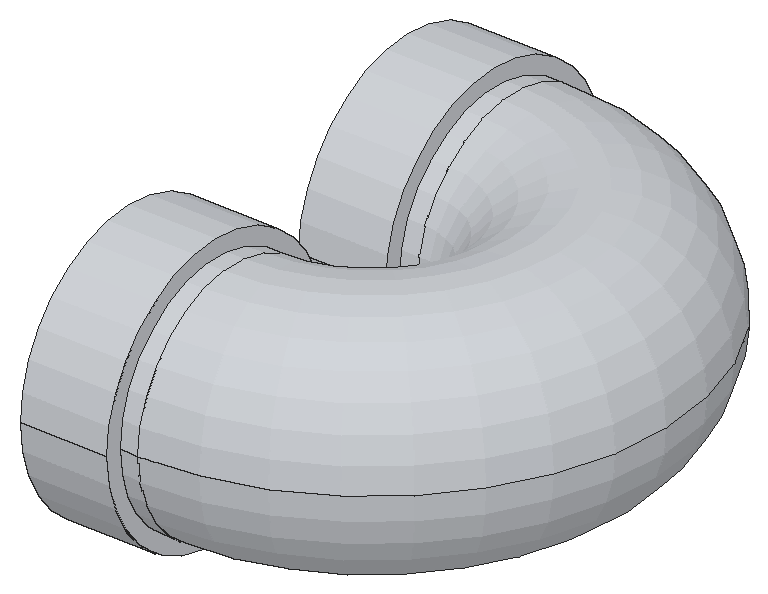
Revit family "76b5dd2cb1494a6ca98283206d263898", category Pipe Fittings, Revit 2021
Family settings
  Round Connector Dimension = Use Radius
  Part Type = Multi Port
  OmniClass Number = 23.60.30.11.14
  OmniClass Title = Pipework Fittings
  Seek Item ID = Return Bend Medium-Pattern - Threaded - MI - Class 300-0000-USA-ENU
  Work Plane-Based = No
  Always vertical = Yes
  Cut with Voids When Loaded = No
  Shared = No
Parameters (values of type "Standard")
  Tick Size [instance] = Fitting Outside Diameter * 0.4  # 0.68661"
  Thread Length [instance] = size_lookup(Lookup Table Name, "TLgt", 0.24 * Nominal Diameter + 131/256", Nominal Diameter)  # 0.75197"
  Nominal Radius [instance] = 1/2"
  Nominal Diameter [instance] = Nominal Radius * 2  # 1"
  Metal Thickness [instance] = size_lookup(Lookup Table Name, "MThk", 0.06 * Nominal Diameter + 37/256", Nominal Diameter)  # 0.20079"
  Loss Method = Not Defined
  Lookup Table Name = "Return Bend Medium-Pattern - Threaded - MI - Class 300"
  Length 1 [instance] = Fitting Inside Diameter + 2 * Metal Thickness + 1/8"  # 1.84154"
  Half Center to Center [instance] = 0.5 * Center to Center  # 1 1/4"
  Fitting Outside Radius [instance] = Fitting Outside Diameter / 2  # 0.85827"
  Fitting Outside Diameter [instance] = Fitting Inside Diameter + Metal Thickness * 2  # 1.71654"
  Fitting Inside Diameter [instance] = size_lookup(Lookup Table Name, "FID", 1.05 * Nominal Diameter + 19/64", Nominal Diameter)  # 1.31496"
  Default Elevation = 0' - 0"
  Center to Center [instance] = if(Center to Center 1 > Fitting Inside Diameter + 2 * Metal Thickness, Center to Center 1, Length 1)  # 2 1/2"
  Center to Center 1 [instance] = size_lookup(Lookup Table Name, "CtC", 3.64 * Nominal Diameter - 1 81/128", Nominal Diameter)  # 2 1/2"
  Band Width [instance] = size_lookup(Lookup Table Name, "BWid", 0.21 * Nominal Diameter + 53/128", Nominal Diameter)  # 0.62205"
  Band Outside Radius [instance] = Band Outside Diameter / 2  # 0.97441"
  Band Outside Diameter 1 [instance] = size_lookup(Lookup Table Name, "BOD", 1.31 * Nominal Diameter + 173/256", Nominal Diameter)  # 1.94882"
  Band Outside Diameter [instance] = if(Band Outside Diameter 1 > Center to Center, Center to Center - 1/16", Band Outside Diameter 1)  # 1.94882"
Reference planes (in)
  plane 1 "Center (Front/Back)": y = 0
  plane 2: z = 0
  plane 3 "Center (Left/Right)": x = 0
  plane 4: y = -2.5
  plane 5: x = 0.62205
  plane 6: x = 0.75197
  plane 7: y = -1.25
Forms (in)
  Sweep 1, solid, detail levels fine
    path origin (0, 0, 0) x (1, 0, 0) y (0, 1, 0)
      loop
        line (0, 0) -> (0.62205, 0)
    profile origin (0.31102, 0, 0) x (0, 1, 0) y (0, 0, 1)
      loop
        circle (0, 0) r 0.97441
  Sweep 2, solid, detail levels fine
    path origin (0, 0, 0) x (1, 0, 0) y (0, 1, 0)
      loop
        line (0, -2.5) -> (0.62205, -2.5)
    profile origin (0.31102, -2.5, 0) x (0, 1, 0) y (0, 0, 1)
      loop
        circle (0, 0) r 0.97441
  Sweep 3, solid, detail levels fine
    path origin (0, 0, 0) x (1, 0, 0) y (0, 1, 0)
      loop
        line (0.62205, 0) -> (0.75197, 0)
        arc (0.75197, 0) -> (2.00197, -1.25) -> (0.75197, -2.5) r 1.25
        line (0.75197, -2.5) -> (0.62205, -2.5)
    profile origin (2.00197, -1.25, 0) x (1, 0, 0) y (0, 0, 1)
      loop
        circle (0, 0) r 0.85827
Cuts and joins
  joined: Sweep 1, Sweep 2, Sweep 3
Lines and regions (in)
  model lines, detail levels coarse+medium
    curve 1: line (0, -2.5, 0) -> (0.75197, -2.5, 0)
    curve 2: line (0, 0, 0) -> (0.75197, 0, 0)
    curve 3: arc (0.75197, 0, 0) -> (2.00197, -1.25, 0) -> (0.75197, -2.5, 0) r 1.25
    curve 4: line (0, 0.68661, 0) -> (0, -0.68661, 0)
    curve 5: line (0, -1.81339, 0) -> (0, -3.18661, 0)
Dimensions and locks (in)
  "Center to Center": plane 4 to plane 1 "Center (Front/Back)"
  "Band Width": plane 3 "Center (Left/Right)" to plane 5
  "Thread Length": plane 3 "Center (Left/Right)" to plane 6
  equal spacing: plane 4, plane 7, plane 1 "Center (Front/Back)"
  "Tick Size": curve 4 to curve 2  (x2)
  "Tick Size": curve 5 to curve 1
  "Tick Size": curve 1 to curve 5
  "Band Outside Radius": radius of Sweep 1 sketch curve
  "Band Outside Radius": radius of Sweep 2 sketch curve
  "Half Center to Center": radius of Sweep 3 sketch curve
  "Fitting Outside Radius": radius of Sweep 3 sketch curve
  "Half Center to Center": radius of curve 3
  aligned and locked: plane 3 "Center (Left/Right)" to Sweep 1 sketch curve
  aligned and locked: plane 5 to Sweep 1 sketch curve
  aligned and locked: plane 1 "Center (Front/Back)" to Sweep 1 sketch curve  (x2)
  aligned and locked: plane 2 to Sweep 1 sketch curve
  aligned and locked: plane 3 "Center (Left/Right)" to Sweep 2 sketch curve
  aligned and locked: Sweep 2 sketch curve to plane 4
  aligned and locked: plane 2 to Sweep 2 sketch curve
  aligned and locked: plane 4 to Sweep 2 sketch curve
  aligned and locked: plane 7 to Sweep 3 sketch curve
  aligned and locked: plane 6 to Sweep 3 sketch curve
  aligned and locked: Sweep 1 to Sweep 3 sketch curve
  aligned and locked: plane 1 "Center (Front/Back)" to Sweep 3 sketch curve
  aligned and locked: Sweep 2 to Sweep 3 sketch curve
  aligned and locked: Sweep 3 sketch curve to plane 4
  aligned and locked: plane 7 to curve 3
  aligned and locked: plane 6 to curve 3
  aligned and locked: plane 1 "Center (Front/Back)" to curve 2
  aligned and locked: curve 1 to plane 4
  aligned and locked: curve 4 to plane 3 "Center (Left/Right)"
  aligned and locked: curve 5 to plane 3 "Center (Left/Right)"
  aligned and locked: plane 6 to curve 2
  aligned and locked: plane 6 to curve 1
Automatic sketch dimensions
  Sweep 2 sketch curve to plane 5 = 0' - 0"
  Sweep 3 sketch curve to level = 0' - 0"
  profile plane to Sweep 3 sketch curve = 0' - 0"
Connectors (in)
  piping at (0, 0, 0), diameter 1, driven by "Nominal Radius"
    settings: on Sweep 1, index 1, connector inside diameter 1", connector length 0' - 0", flow factor 0, pipe flow 0 GPM, pressure drop 0.00 psi, fitting loss kfactor 0, connector angle 0.00°, fixture units 0, engagement length 0' - 0", angle of deflection 0.00°, flow configuration 0, flow direction 0, fitting loss method 0, system type 28, joint type 0, gender type 0, connector reference index 2, connector utility 0, adjustable connector no, is connector primary yes, connector description ""
  piping at (0, -2.5, 0), diameter 1, driven by "Nominal Radius"
    settings: on Sweep 2, index 2, connector inside diameter 1", connector length 0' - 0", flow factor 0, pipe flow 0 GPM, pressure drop 0.00 psi, fitting loss kfactor 0, connector angle 0.00°, fixture units 0, engagement length 0' - 0", angle of deflection 0.00°, flow configuration 0, flow direction 0, fitting loss method 0, system type 28, joint type 0, gender type 0, connector reference index 1, connector utility 0, adjustable connector no, is connector primary no, connector description ""
